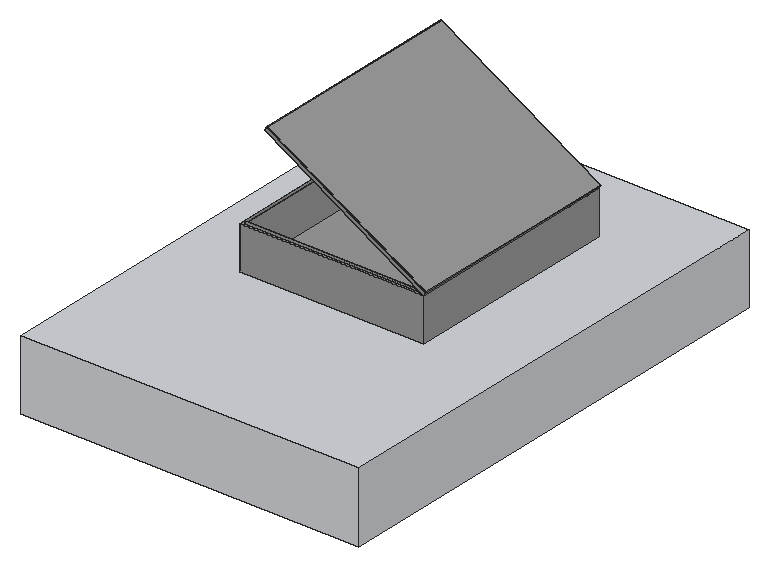
Revit family "Hager-Univers-IP44-D205-H950-Cl.I-Encl-SE-en", category Equipement électrique, Revit 2020
Family settings
  Hôte = Face
  Configuration du panneau = Deux colonnes, circuits au sein
  Cote de connecteur circulaire = Utiliser le diamètre
  Type d'élément = Tableau de raccordement
  Couper avec des vides une fois chargée = Non
  Partagée = Non
  Point de calcul de pièce = Non
Parameters (values of type "Surface mounted (plaster) IP44 W800 H950 D205  - FP63TN2")
  Width Control [instance] = if([EF000008 - Width] > Min Width, [EF000008 - Width], Min Width)  # 800 mm
  Commentaires du type = [HG000003 - Range]  # "Univers"
  Thickness Door [instance] = if([EF009171 - Material plate thickness door/cover] > 3 mm, 3 mm, [EF009171 - Material plate thickness door/cover])  # 1 mm
  Seal Frame Offset [instance] = 17 mm  # constant formula
  Plinth Visibility [instance] = [HG000027 - Plinth height] > 0 mm  # no
  Model = ""
  Min Width [instance] = 100 mm  # constant formula
  Min Height [instance] = 100 mm  # constant formula
  Min Depth [instance] = (2 * [EF009170 - Material plate thickness cabinet]) + 1 mm  # 3 mm
  Internal Frame Depth [instance] = (Door System Depth * 0.5)  # 9 mm
  Height Control [instance] = if([EF000040 - Height] > Min Height, [EF000040 - Height], Min Height)  # 950 mm
  HG000027 - Plinth height = 0 mm
  HG000026 - Floor standing = no
  HG000024 - Bottom section height = 800 mm
  HG000023 - Double section enclosure = no
  HG000016 - Door 3d visibility [instance] = yes
  HG000015 - Clearance visibility [instance] = no
  HG000014 - Door on the right [instance] = yes
  HG000013 - Door on the left [instance] = not([HG000014 - Door on the right])  # no
  HG000012 - Door swing angle [instance] = 30.00°
  HG000010 - Asymmetric doors = no
  HG000009 - Double swing door = no
  HG000006 - Flush mounted = no
  HG000004 - Manufacturer reference = "FP63TN2"
  HG000003 - Range = "Univers"
  HG000002 - With door or cover = yes
  Frame Offset Bottom [instance] = 10 mm  # constant formula
  Frame Offset [instance] = 15 mm  # constant formula
  EF015940 - Cover with overpressure release = no
  EF011959 - Degree of protection (NEMA) = ""
  EF009554 - Number of openings for flange plates = 6
  EF009212 - Cover model = "EV000116 - Closed"
  EF009171 - Material plate thickness door/cover = 1 mm
  EF009170 - Material plate thickness cabinet = 1 mm
  Fabricant = "Hager"  # constant formula
  EF008873 - Nominal current (In) = 250 A
  EF007800 - Suitable for lightning protection = no
  EF006306 - With lock = no
  EF006244 - Transparent cover/door = no
  EF005474 - Degree of protection (IP) = "EV006418 - IP44"
  EF004464 - Type of door = "EV002646 - Single"
  EF004427 - Number of modules = 216
  EF004293 - Impact strength = "EV006815 - IK09"
  EF003532 - Suitable for outdoor use = no
  EF002950 - Width in number of modular spacings = 36
  EF001613 - Circuit integrity = "EV000494 - None"
  EF001596 - Material housing = "EV000179 - Steel"
  EF001131 - Internal depth = 130 mm
  EF001088 - Extension possible = yes
  EF000437 - Number of conduit inlets = 6
  EF000339 - Type of cover = "EV001012 - Cover"
  EF000266 - Number of rows = 6
  EF000218 - Built-in depth = 205 mm
  EF000118 - With mounting plate = no
  EF000116 - RAL-number = "9010"
  EF000049 - Depth = 205 mm
  EF000040 - Height = 950 mm
  EF000008 - Width = 800 mm
  EF000007 - Colour = "EV000202 - White"
  EF000003 - Mounting method = "EV000384 - Surface mounted (plaster)"
  Door System Leaf Tolerance [instance] = 1.5 mm  # constant formula
  Door System Depth [instance] = 18 mm  # constant formula
  Door Height [instance] = Height Control - [HG000027 - Plinth height]  # 950 mm
  Depth Control [instance] = if([EF000049 - Depth] > Min Depth, [EF000049 - Depth], Min Depth)  # 205 mm
  Default Elevation = 0 mm
  Connector Offset [instance] = Height Control / 2  # 475 mm
  Bottom Top Plate Trim [instance] = 1.5 mm  # constant formula
  Plinth height Ctrl [instance] = if([HG000027 - Plinth height] > 0 mm, [HG000027 - Plinth height], 12 mm)  # 12 mm
Types (5, lengths in mm): name | Width Control | HG000010 - Asymmetric doors | HG000009 - Double swing door | HG000004 - Manufacturer reference | EF009554 - Number of openings for flange plates | EF004464 - Type of door | EF004427 - Number of modules | EF002950 - Width in number of modular spacings | EF000437 - Number of conduit inlets | EF000008 - Width
  Surface mounted (plaster) IP44 W1050 H950 D205  - FP64TN2 | 1050 | no | yes | "FP64TN2" | 8 | "EV003602 - Double" | 288 | 48 | 8 | 1050
  Surface mounted (plaster) IP44 W1300 H950 D205  - FP65TN2 | 1300 | yes | yes | "FP65TN2" | 10 | "EV003602 - Double" | 360 | 60 | 10 | 1300
  Surface mounted (plaster) IP44 W300 H950 D205  - FP61TN2 | 300 | no | no | "FP61TN2" | 2 | "EV002646 - Single" | 72 | 12 | 2 | 300
  Surface mounted (plaster) IP44 W550 H950 D205  - FP62TN2 | 550 | no | no | "FP62TN2" | 4 | "EV002646 - Single" | 144 | 24 | 4 | 550
  Surface mounted (plaster) IP44 W800 H950 D205  - FP63TN2 | 800 | no | no | "FP63TN2" | 6 | "EV002646 - Single" | 216 | 36 | 6 | 800
Reference planes
  plane 1 "Center (Front/Back)": y = 0
  plane 2: z = 0
  plane 3 "Center (Left/Right)": x = 0
  plane 4: z = 205
  plane 5: y = 1
  plane 6: y = 475
  plane 7: y = 0
  plane 8: y = 950
  plane 9: z = 0
  plane 10: x = -385
  plane 11: x = 385
  plane 12: x = 384
  plane 13: x = -384
  plane 14: y = 949
  plane 15: x = -383
  plane 16: x = -400
  plane 17: x = 383
  plane 18: x = 400
  plane 19: x = 399
  plane 20: x = -399
  plane 21: y = 11
  plane 22: y = 950
  plane 23: y = 934
  plane 24: z = 187
  plane 25: z = 1
  plane 26: z = 186
  plane 27: z = 204
Forms (mm)
  Extrusion 1, solid
    sketch origin (0, 0, 0) x (1, 0, 0) y (0, 1, 0)
      loop
        line (-702.964, 1305) -> (-702.964, -811.445) -> (766.763, -811.445) -> (766.763, 1305) -> (-702.964, 1305)
    from 0 to -304.8
  Extrusion 2, solid, material "Hager_Steel_RAL7035_Light_Grey", visible <- "Plinth Visibility", detail levels medium+fine
    sketch origin (0, 0, 0) x (1, 0, 0) y (0, 1, 0)
      loop
        line (-400, 0) -> (400, 0) -> (400, 12) -> (-400, 12) -> (-400, 0)
    from 0 to 187
  Extrusion 3, solid, material "Hager_Steel_RAL7035_Light_Grey", detail levels medium+fine
    sketch origin (0, 0, 0) x (1, 0, 0) y (0, 1, 0)
      loop
        line (-400, 0) -> (400, 0) -> (400, 950) -> (-400, 950) -> (-400, 0)
    from 0 to 187
  Extrusion 4, void
    sketch origin (0, 0, 0) x (1, 0, 0) y (0, 1, 0)
      loop
        line (-399, 1) -> (399, 1) -> (399, 949) -> (-399, 949) -> (-399, 1)
    from 1 to 186
  Extrusion 5, void
    sketch origin (-381.607, -4572, 187) x (0, -1, 0) y (-1, 0, 0)
      loop
        line (-4583, 2.393) -> (-5506, 2.393) -> (-5506, -765.607) -> (-4583, -765.607) -> (-4583, 2.393)
    from 0 to 1 <- "EF009170 - Material plate thickness cabinet"
  Extrusion 6, solid, material "Hager_Steel_RAL7035_Light_Grey", detail levels fine
    sketch origin (0, 0, 187) x (1, 0, 0) y (0, 1, 0)
      loop
        line (-384, 934) -> (-384, 11) -> (384, 11) -> (384, 934) -> (-384, 934)
      loop
        line (-385, 10) -> (385, 10) -> (385, 935) -> (-385, 935) -> (-385, 10)
    from 0 to 9 <- "Internal Frame Depth"
  Extrusion 7, solid, material "Hager_Steel_RAL7035_Light_Grey", detail levels coarse
    sketch origin (0, 0, 0) x (1, 0, 0) y (0, 1, 0)
      loop
        line (-400, 0) -> (400, 0) -> (400, 950) -> (-400, 950) -> (-400, 0)
    from 0 to 205
  Sweep 8, void
    path in 3D
      loop
        line (-400, 12, 0) -> (400, 12, 0) -> (400, 12, 187) -> (-400, 12, 187) -> (-400, 12, 0)
    profile origin (-400, 12, 93.5) x (-1, 0, 0) y (0, -1, 0)
      loop
        line (0, 0) -> (0, 1.5) -> (-1.5, 1.5)
        arc (-1.5, 1.5) -> (-1.061, 0.439) -> (0, 0) r 1.5
Cuts and joins
  Extrusion 4, Extrusion 5 cuts Extrusion 3
  Sweep 8 cuts Extrusion 2
Lines and regions (mm)
  Masking region 1
    outline origin (0, 0, 0) x (1, 0, 0) y (0, 0, 1)
      loop
        line (-400, 205) -> (-400, 0) -> (400, 0) -> (400, 205) -> (-400, 205)
  Masking region 2, detail levels medium+fine
    outline origin (0, 140, 0) x (0, 1, 0) y (0, 0, 1)
      loop
        line (-140, 0) -> (810, 0) -> (810, 187) -> (-140, 187) -> (-140, 0)
  Masking region 3, not visible, detail levels medium+fine
    outline origin (0, 297.922, 0) x (0, 1, 0) y (0, 0, 1)
      loop
        line (188.578, 0) -> (228.578, 0) -> (228.578, 194)
        arc (228.578, 194) -> (225.649, 201.071) -> (218.578, 204) r 10
        line (218.578, 204) -> (188.578, 204) -> (188.578, 0)
  Masking region 4, detail levels coarse
    outline origin (0, 0, 180) x (0, 1, 0) y (0, 0, 1)
      loop
        line (0, -180) -> (950, -180) -> (950, 25) -> (0, 25) -> (0, -180)
  Masking region 5, visible <- "Plinth Visibility", detail levels medium+fine
    outline origin (0, 52.24, 12.345) x (0, 0, -1) y (0, 1, 0)
      loop
        line (10.845, -40.24) -> (-173.155, -40.24)
        arc (-173.155, -40.24) -> (-173.594, -41.301) -> (-174.655, -41.74) r 1.5
        line (-174.655, -41.74) -> (-174.655, -52.24) -> (12.345, -52.24) -> (12.345, -41.74)
        arc (12.345, -41.74) -> (11.285, -41.301) -> (10.845, -40.24) r 1.5
  Masking region 6, detail levels medium+fine
    outline origin (-381.607, -4572, 187) x (-1, 0, 0) y (0, -1, 0)
      loop
        line (18.393, -5522) -> (18.393, -4572) -> (-781.607, -4572) -> (-781.607, -5522) -> (18.393, -5522)
  Masking region 7, visible <- "Plinth Visibility", detail levels medium+fine
    outline origin (-381.607, -4727, 187) x (-1, 0, 0) y (0, -1, 0)
      loop
        arc (16.893, -4739) -> (17.332, -4737.939) -> (18.393, -4737.5) r 1.5
        line (18.393, -4737.5) -> (18.393, -4727) -> (-781.607, -4727) -> (-781.607, -4737.5)
        arc (-781.607, -4737.5) -> (-780.546, -4737.939) -> (-780.107, -4739) r 1.5
        line (-780.107, -4739) -> (16.893, -4739)
  Masking region 8, detail levels coarse
    outline origin (-442.548, -4669.526, 187) x (-1, 0, 0) y (0, -1, 0)
      loop
        line (-42.548, -5619.526) -> (-42.548, -4669.526) -> (-842.548, -4669.526) -> (-842.548, -5619.526) -> (-42.548, -5619.526)
  sketch lines
    curve 1: line (-400, 12, 187) -> (-400, 12, 0)
    curve 2: line (400, 12, 187) -> (-400, 12, 187)
    curve 3: line (400, 12, 187) -> (400, 12, 0)
    curve 4: line (-400, 12, 0) -> (400, 12, 0)
Dimensions and locks
  "Depth Control": plane 4 to Extrusion 1
  "HG000027 - Plinth height": plane 1 "Center (Front/Back)" to plane 7
  "EF009170 - Material plate thickness cabinet": plane 5 to plane 7
  locked: connector elem to plane 3 "Center (Left/Right)"
  equal spacing: plane 8, plane 6, plane 7
  locked: connector elem to plane 6
  "EF009170 - Material plate thickness cabinet": plane 8 to plane 14
  "EF009170 - Material plate thickness cabinet": plane 10 to plane 13
  "EF009170 - Material plate thickness cabinet": plane 12 to plane 11
  "Frame Offset": plane 20 to plane 13
  "Frame Offset": plane 12 to plane 19
  "EF009170 - Material plate thickness cabinet": plane 16 to plane 20
  "EF009170 - Material plate thickness cabinet": plane 19 to plane 18
  "Seal Frame Offset": plane 16 to plane 15
  "Seal Frame Offset": plane 17 to plane 18
  "Frame Offset Bottom": plane 21 to plane 5
  "Frame Offset": plane 14 to plane 23
  equal spacing: plane 16, plane 3 "Center (Left/Right)", plane 18
  "Width Control": plane 16 to plane 18
  "EF009170 - Material plate thickness cabinet": plane 4 to plane 27
  "EF009170 - Material plate thickness cabinet": plane 24 to plane 26
  "EF009170 - Material plate thickness cabinet": plane 25 to level
  "Door System Depth": plane 4 to plane 24
  "Height Control": plane 1 "Center (Front/Back)" to Extrusion 7 sketch curve
  "Height Control": Masking region 4 sketch curve to plane 1 "Center (Front/Back)"
  "Height Control": plane 1 "Center (Front/Back)" to plane 22
  "Bottom Top Plate Trim": profile plane to Sweep 8 sketch curve
  "Bottom Top Plate Trim": Sweep 8 sketch curve to profile plane
  "Plinth height Ctrl": plane 1 "Center (Front/Back)" to Extrusion 2 sketch curve
  "Plinth height Ctrl": Masking region 5 sketch curve to plane 1 "Center (Front/Back)"
  "Plinth height Ctrl": plane 1 "Center (Front/Back)" to Masking region 7 sketch curve
  "Thickness Door": Extrusion 6 sketch curve to Extrusion 6 sketch curve  (x3)
  "Thickness Door": cut or joined group of Extrusion 3, Extrusion 4, Extrusion 5 to Extrusion 6 sketch curve
  radius of Masking region 3 sketch curve = 10 mm
  "Bottom Top Plate Trim": radius of Masking region 5 sketch curve  (x2)
  "Bottom Top Plate Trim": radius of Sweep 8 sketch curve
  "Bottom Top Plate Trim": radius of Masking region 7 sketch curve  (x2)
  aligned and locked: plane 2 to Extrusion 1
  aligned and locked: level to Extrusion 1
  aligned and locked: level to Masking region 1 sketch curve
  aligned and locked: Masking region 1 sketch curve to plane 18
  aligned and locked: Masking region 1 sketch curve to plane 16
  aligned and locked: plane 7 to Masking region 2 sketch curve
  aligned and locked: level to Masking region 3 sketch curve
  aligned and locked: Masking region 3 sketch curve to plane 27
  aligned and locked: level to Masking region 2 sketch curve
  aligned and locked: plane 1 "Center (Front/Back)" to Extrusion 2 sketch curve
  aligned and locked: Extrusion 3 sketch curve to plane 7
  aligned and locked: plane 16 to Extrusion 3 sketch curve
  aligned and locked: plane 18 to Extrusion 3 sketch curve
  aligned and locked: plane 20 to Extrusion 4 sketch curve
  aligned and locked: plane 19 to Extrusion 4 sketch curve
  aligned and locked: Extrusion 4 sketch curve to plane 5
  aligned and locked: Extrusion 4 to plane 25
  aligned and locked: plane 26 to Extrusion 4
  aligned and locked: plane 24 to Extrusion 3
  aligned and locked: Extrusion 5 sketch curve to plane 21
  aligned and locked: Extrusion 5 sketch curve to plane 13
  aligned and locked: Extrusion 5 sketch curve to plane 12
  aligned and locked: plane 18 to Extrusion 7 sketch curve
  aligned and locked: plane 1 "Center (Front/Back)" to Extrusion 7 sketch curve
  aligned and locked: plane 16 to Extrusion 7 sketch curve
  aligned and locked: plane 4 to Extrusion 7
  aligned and locked: Extrusion 7 to level
  aligned and locked: level to Masking region 4 sketch curve
  aligned and locked: Masking region 4 sketch curve to plane 1 "Center (Front/Back)"
  aligned and locked: Masking region 4 sketch curve to plane 4
  aligned and locked: nested 1 to level
  aligned and locked: nested 1 to plane 16
  aligned and locked: plane 8 to Extrusion 3 sketch curve
  aligned and locked: plane 23 to Extrusion 5 sketch curve
  aligned and locked: plane 14 to Extrusion 4 sketch curve
  aligned and locked: Masking region 2 sketch curve to plane 8
  aligned and locked: level to Masking region 5 sketch curve
  aligned and locked: plane 16 to Extrusion 2 sketch curve
  aligned and locked: plane 18 to Extrusion 2 sketch curve
  aligned and locked: Masking region 5 sketch curve to plane 24
  aligned and locked: Masking region 2 sketch curve to plane 24
  aligned and locked: plane 24 to Extrusion 2
  aligned and locked: profile plane to Sweep 8 sketch curve  (x2)
  aligned and locked: Masking region 6 sketch curve to plane 18
  aligned and locked: Masking region 6 sketch curve to plane 22
  aligned and locked: Masking region 6 sketch curve to plane 16
  aligned and locked: plane 8 to plane 22
  aligned and locked: Masking region 6 sketch curve to plane 7
  aligned and locked: Masking region 7 sketch curve to plane 16
  aligned and locked: Masking region 7 sketch curve to plane 1 "Center (Front/Back)"
  aligned and locked: Masking region 7 sketch curve to plane 18
  aligned and locked: Masking region 8 sketch curve to plane 1 "Center (Front/Back)"
  aligned and locked: Masking region 8 sketch curve to plane 18
  aligned and locked: Masking region 8 sketch curve to plane 22
  aligned and locked: Masking region 8 sketch curve to plane 16
  aligned and locked: nested 2 to plane 7
  aligned and locked: plane 3 "Center (Left/Right)" to nested 2
  aligned and locked: nested 2 to plane 24
  aligned and locked: Extrusion 6 sketch curve to cut or joined group of Extrusion 3, Extrusion 4, Extrusion 5  (x4)
Automatic sketch dimensions
  Extrusion 1 sketch curve to Extrusion 1 sketch curve = 1469.727 mm
  Extrusion 1 sketch curve to Extrusion 1 sketch curve = 2116.445 mm
  Masking region 1 sketch curve to plane 4 = 0 mm
  plane 6 to Masking region 3 sketch curve = 11.5 mm
  Masking region 3 sketch curve to Masking region 3 sketch curve = 30 mm
  Masking region 5 sketch curve to plane 1 "Center (Front/Back)" = 0 mm
Nested families
  nested 1: "Hager_Enclosure_Symbol" at (-400, 0, 0) x (1, 0, 0) z (0, -1, 0), Height <- "Depth Control", Width <- "Width Control", type "Hager_Enclosure_Symbol"
    with Width_Ctrl 800 mm, Width 800 mm, Height_Ctrl 205 mm, Height 205 mm, A_Width_Int 13.453 mm, A_Width 161.438 mm, A_Height_Ctrl 179.375 mm, A_Height 179.375 mm
  nested 2: "EC000058_Univers_Door" at (0, 0, 187) x (1, 0, 0) z (0, 1, 0), Leaf_Tolerance <- "Door System Leaf Tolerance", Angle <- "HG000012 - Door swing angle", Door_Depth <- "Door System Depth", Door_Left <- "HG000013 - Door on the left", Transparent <- "EF006244 - Transparent cover/door", Assymetrical <- "HG000010 - Asymmetric doors", Width <- "Width Control", Clearance <- "HG000015 - Clearance visibility", Double <- "HG000009 - Double swing door", 3d_Door <- "HG000016 - Door 3d visibility", Lock_Visibility <- "EF006306 - With lock", Width_Ctrl <- "Width Control", Door_Right <- "HG000014 - Door on the right", Door <- "HG000002 - With door or cover", Height <- "Door Height", Thickness <- "Thickness Door", type "EC000058_Univers_Door", detail levels medium+fine
    with min_wh 3 mm, Width_Ctrl 800 mm, Width 800 mm, Transparent no, Thickness 1 mm, Seal_Material Hager_Rubber, Lock_Visibility no, Lock_Material Hager_Plastic_RAL9005_Jet_Black, Leaf_Width 800 mm, Leaf_Tolerance_External_Sides 0 mm, Leaf_Tolerance 1.5 mm, Leaf_Offset 0 mm, Leaf_Height 947 mm, Leaf_2_Width 800 mm, Leaf_2_Offset 400 mm, Leaf_1_Width 800 mm, Leaf_1_Offset 400 mm, Height_Ctrl 950 mm, Height 950 mm, Glass_Material Hager_Glass, Double_Clearance_Ctrl no, Double no, Door_Right_Ctrl yes, Door_Right yes, Door_Material Hager_Steel_RAL7035_Light_Grey, Door_Left_Ctrl no, Door_Left no, Door_Depth 18 mm, Door yes, Clearance_Material Hager_Clearance, Clearance_Depth 800 mm, Clearance_Ctrl no, Clearance no, Assymetrical no, Angle 30.00°, 3d_Door yes
Connectors
  electrical at (0, 475, 0)
    settings: on plane 9, index 1, voltage 0 V, apparent load 0 VA, apparent load phase1 0 VA, apparent load phase2 0 VA, apparent load phase3 0 VA, power factor 1, load classification "Other", number of poles 1, system type 30, power factor state 1, is connector primary yes, connector utility no, sub classification motor no, connector description ""
Definition of nested family "EC000058_Univers_Door"
  Parameters (values of type "EC000058_Univers_Door")
    min_wh [instance] = (2 * Thickness) + 1 mm  # 11 mm
    Width_Ctrl [instance] = 400 mm
    Width [instance] = 500 mm
    Transparent [instance] = yes
    Thickness [instance] = 5 mm
    Seal_Material [instance] = none
    Lock_Visibility [instance] = yes
    Lock_Material [instance] = none
    Leaf_Width [instance] = if((Width_Ctrl - 2 * Leaf_Tolerance_External_Sides) > 0 mm, (Width_Ctrl - 2 * Leaf_Tolerance_External_Sides), min_wh)  # 400 mm
    Leaf_Tolerance_External_Sides [instance] = 0 mm  # constant formula
    Leaf_Tolerance [instance] = 1.5 mm
    Leaf_Offset [instance] = 0 mm  # constant formula
    Leaf_Height [instance] = if((Height_Ctrl - 2 * Leaf_Tolerance) > 0 mm, (Height_Ctrl - 2 * Leaf_Tolerance), min_wh)  # 497 mm
    Leaf_2_Width [instance] = if(and(and(Double, Assymetrical), Door_Left), (Leaf_Width / 3) - (Leaf_Tolerance / 2), if(and(and(Double, Assymetrical), Door_Right), (Leaf_Width / 3) * 2 - (Leaf_Tolerance / 2), if(and(Double, not(Assymetrical)), (Leaf_Width / 2) - Leaf_Tolerance, Leaf_Width)))  # 400 mm
    Leaf_2_Offset [instance] = if(and(Double, Assymetrical), Leaf_2_Width / 2, if(and(Double, not(Assymetrical)), Leaf_Width / 4, Leaf_Width / 2))  # 200 mm
    Leaf_1_Width [instance] = if(and(and(Double, Assymetrical), Door_Right), (Leaf_Width / 3) - (Leaf_Tolerance / 2), if(and(and(Double, Assymetrical), Door_Left), (Width / 3) * 2 - (Leaf_Tolerance / 2), if(and(Double, not(Assymetrical)), (Leaf_Width / 2) - Leaf_Tolerance, Leaf_Width)))  # 400 mm
    Leaf_1_Offset [instance] = if(and(Double, Assymetrical), Leaf_1_Width / 2, if(and(Double, not(Assymetrical)), Leaf_Width / 4, Leaf_Width / 2))  # 200 mm
    Height_Ctrl [instance] = if(Height > min_wh, Height, min_wh)  # 500 mm
    Height [instance] = 500 mm
    Glass_Material [instance] = none
    Double_Clearance_Ctrl [instance] = and(Double, Clearance)  # no
    Double [instance] = no
    Door_Right_Ctrl [instance] = and(or(Door_Right, Double), Door)  # yes
    Door_Right [instance] = yes
    Door_Material [instance] = none
    Door_Left_Ctrl [instance] = and(or(Door_Left, Double), Door)  # no
    Door_Left [instance] = no
    Door_Depth [instance] = 30 mm
    Door [instance] = yes
    Default Elevation = 1219.2 mm
    Clearance_Material [instance] = none
    Clearance_Depth [instance] = if(Leaf_1_Width > Leaf_2_Width, Leaf_1_Width, Leaf_2_Width)  # 400 mm
    Clearance_Ctrl [instance] = and(not(Double), Clearance)  # yes
    Clearance [instance] = yes
    Assymetrical [instance] = yes
    Angle [instance] = 30.00°
    3d_Door [instance] = yes
  Reference planes
    plane 1 "Center (Front/Back)": y = 0
    plane 2 "Bottom": z = 0
    plane 3 "Center (Left/Right)": x = 0
    plane 4: z = 500
    plane 5: x = -200
    plane 6: x = 200
    plane 7: z = 500
    plane 8: x = -200
    plane 9: z = 0
    plane 10: x = 200
    plane 11: y = 0
    plane 12: z = 1.5
    plane 13: x = -600
    plane 14: y = -400
    plane 15: x = 600
    plane 16: x = 0
    plane 17: x = 0
    plane 18: x = -200
    plane 19: x = 200
    plane 20: z = 498.5
  Forms (mm)
    Extrusion 1, solid, material <- "Clearance_Material", visible <- "Double_Clearance_Ctrl"
      sketch origin (1200, 0, 0) x (1, 0, 0) y (0, 0, -1)
        loop
          line (-1800, -498.5) -> (-600, -498.5) -> (-600, 0) -> (-1800, 0) -> (-1800, -498.5)
      from 0 to -400
  Dimensions and locks
    equal spacing: plane 5, plane 3 "Center (Left/Right)", plane 6
    "Width_Ctrl": plane 5 to plane 6
    "Leaf_Offset": plane 5 to plane 8
    "Leaf_Offset": plane 6 to plane 10
    "Leaf_Offset": plane 9 to level
    "Leaf_Offset": plane 4 to plane 7
    "Height_Ctrl": plane 4 to level
    "Leaf_Tolerance": plane 12 to plane 9
    locked: plane 11 to plane 1 "Center (Front/Back)"
    "Leaf_1_Offset": plane 18 to plane 16
    "Leaf_2_Offset": plane 17 to plane 19
    "Leaf_1_Width": plane 13 to plane 8
    "Leaf_2_Width": plane 10 to plane 15
    "Clearance_Depth": plane 14 to plane 1 "Center (Front/Back)"
    "Leaf_Tolerance_External_Sides": plane 8 to plane 18
    "Leaf_Tolerance_External_Sides": plane 19 to plane 10
    "Leaf_Tolerance": plane 7 to plane 20
    aligned and locked: level to plane 2 "Bottom"
    aligned and locked: nested 1 to plane 16
    aligned and locked: nested 2 to plane 17
    aligned and locked: Extrusion 1 to plane 13
    aligned and locked: plane 15 to Extrusion 1
    aligned and locked: Extrusion 1 to plane 14
    aligned and locked: plane 12 to nested 1
    aligned and locked: nested 2 to plane 12
    aligned and locked: Extrusion 1 to plane 11
    aligned and locked: plane 20 to Extrusion 1
    aligned and locked: nested 2 to plane 11
    aligned and locked: nested 1 to plane 11
  Automatic sketch dimensions
    Extrusion 1 sketch curve to level = 0 mm
    plane 5 to Extrusion 1 sketch curve = 400 mm
    plane 6 to Extrusion 1 sketch curve = 400 mm
    Extrusion 1 sketch curve to plane 4 = 1.5 mm
  Nested families
    nested 1: "EC000058_Univers_Door_Leaf" at (0, 0, 1.5), Width <- "Leaf_1_Width", visible <- "Door_Left_Ctrl", Leaf_Height <- "Leaf_Height", Angle <- "Angle", 3d_Door <- "3d_Door", Transparent <- "Transparent", Clearance Material <- "Clearance_Material", Clearance <- "Clearance_Ctrl", Door_Material <- "Door_Material", Glass_Material <- "Glass_Material", Door_Depth <- "Door_Depth", Lock_Material <- "Lock_Material", Seal_Material <- "Seal_Material", Lock_Visibility <- "Lock_Visibility", Thickness <- "Thickness", type "EC000058_Univers_Door_Leaf"
      with Width 400 mm, Transparent_Glass_Offset 30 mm, Transparent_Ctrl yes, Transparent yes, Thickness 5 mm, Standard no, Seal_Material none, Seal_D2 8 mm, Seal_D1 1 mm, Offset_Internal_Frame 10 mm, Lock_Width 20 mm, Lock_Visibility_3d yes, Lock_Visibility yes, Lock_Thickness_3 3 mm, Lock_Thickness_2 1 mm, Lock_Thickness_1 3 mm, Lock_Radius_Offset_2 16 mm, Lock_Radius_Offset_1 15 mm, Lock_Radius_2 5 mm, Lock_Radius 6 mm, Lock_Offset 5 mm, Lock_Material none, Lock_Height 80 mm, Lock_Cover_Top_Offset_2d 17 mm, Lock_Cover_Height -65 mm, Leaf_Height 497 mm, Internal_Seal_Thickness 8 mm, Internal_Seal_Depth_2 4.5 mm, Internal_Frame_Depth 25 mm, Glass_Thickness -1 mm, Glass_Offset -2 mm, Glass_Material none, Door_Material none, Door_Depth 30 mm, Clearance Material none, Clearance yes, Angle_Ctrl 30.00°, Angle 30.00°, 3d_Door yes
    nested 2: "EC000058_Univers_Door_Leaf" at (0, 0, 1.5) x (-1, 0, 0) z (0, 0, 1), Width <- "Leaf_2_Width", visible <- "Door_Right_Ctrl", Leaf_Height <- "Leaf_Height", Angle <- "Angle", 3d_Door <- "3d_Door", Transparent <- "Transparent", Clearance Material <- "Clearance_Material", Clearance <- "Clearance_Ctrl", Door_Material <- "Door_Material", Glass_Material <- "Glass_Material", Door_Depth <- "Door_Depth", Lock_Material <- "Lock_Material", Seal_Material <- "Seal_Material", Lock_Visibility <- "Lock_Visibility", Thickness <- "Thickness", type "EC000058_Univers_Door_Leaf"
      with Width 400 mm, Transparent_Glass_Offset 30 mm, Transparent_Ctrl yes, Transparent yes, Thickness 5 mm, Standard no, Seal_Material none, Seal_D2 8 mm, Seal_D1 1 mm, Offset_Internal_Frame 10 mm, Lock_Width 20 mm, Lock_Visibility_3d yes, Lock_Visibility yes, Lock_Thickness_3 3 mm, Lock_Thickness_2 1 mm, Lock_Thickness_1 3 mm, Lock_Radius_Offset_2 16 mm, Lock_Radius_Offset_1 15 mm, Lock_Radius_2 5 mm, Lock_Radius 6 mm, Lock_Offset 5 mm, Lock_Material none, Lock_Height 80 mm, Lock_Cover_Top_Offset_2d 17 mm, Lock_Cover_Height -65 mm, Leaf_Height 497 mm, Internal_Seal_Thickness 8 mm, Internal_Seal_Depth_2 4.5 mm, Internal_Frame_Depth 25 mm, Glass_Thickness -1 mm, Glass_Offset -2 mm, Glass_Material none, Door_Material none, Door_Depth 30 mm, Clearance Material none, Clearance yes, Angle_Ctrl 30.00°, Angle 30.00°, 3d_Door yes
  Definition of nested family "EC000058_Univers_Door_Leaf"
    Parameters (values of type "EC000058_Univers_Door_Leaf")
      Width [instance] = 2000 mm
      Transparent_Glass_Offset [instance] = 30 mm
      Transparent_Ctrl [instance] = and(Transparent, [3d_Door])  # yes
      Transparent [instance] = yes
      Thickness [instance] = 5 mm
      Standard [instance] = and(not(Transparent), [3d_Door])  # no
      Seal_Material [instance] = none
      Seal_D2 [instance] = 8 mm  # constant formula
      Seal_D1 [instance] = 1 mm  # constant formula
      Offset_Internal_Frame [instance] = 10 mm  # constant formula
      Lock_Width [instance] = 20 mm  # constant formula
      Lock_Visibility_3d [instance] = and(Lock_Visibility, [3d_Door])  # yes
      Lock_Visibility [instance] = yes
      Lock_Thickness_3 [instance] = 3 mm  # constant formula
      Lock_Thickness_2 [instance] = 1 mm  # constant formula
      Lock_Thickness_1 [instance] = 3 mm  # constant formula
      Lock_Radius_Offset_2 [instance] = Lock_Radius_Offset_1 + 1 mm  # 16 mm
      Lock_Radius_Offset_1 [instance] = 15 mm  # constant formula
      Lock_Radius_2 [instance] = Lock_Radius - 1 mm  # 5 mm
      Lock_Radius [instance] = 6 mm  # constant formula
      Lock_Offset [instance] = 5 mm  # constant formula
      Lock_Material [instance] = none
      Lock_Height [instance] = 80 mm  # constant formula
      Lock_Cover_Top_Offset_2d [instance] = Lock_Radius_Offset_2 + 1 mm  # 17 mm
      Lock_Cover_Height [instance] = -(Lock_Height - Lock_Radius_Offset_1)  # -65 mm
      Leaf_Height [instance] = 2720.336 mm
      Internal_Seal_Thickness [instance] = 8 mm  # constant formula
      Internal_Seal_Depth_2 [instance] = 4.5 mm  # constant formula
      Internal_Frame_Depth [instance] = if(Door_Depth - Thickness > 5 mm, Door_Depth - Thickness, 5 mm)  # 25 mm
      Glass_Thickness [instance] = if(Thickness > 15 mm, Glass_Offset + 10 mm, -1 mm)  # -1 mm
      Glass_Offset [instance] = if(Thickness > 15 mm, -(Thickness + 10 mm) / 2, -2 mm)  # -2 mm
      Glass_Material [instance] = none
      Door_Material [instance] = none
      Door_Depth [instance] = 30 mm
      Default Elevation = 0 mm
      Clearance Material [instance] = none
      Clearance [instance] = yes
      Angle_Ctrl [instance] = if(Angle > 180.00°, 180.00°, Angle)  # 90.00°
      Angle [instance] = 90.00°
      3d_Door [instance] = yes
    Reference planes
      plane 1 "Center (Front/Back)": y = 0
      plane 2: z = 0
      plane 3 "Center (Left/Right)": x = 0
      plane 4: y = 2000
      plane 5: x = -1000
      plane 6: x = 1000
      plane 7: x = -3000
      plane 8: z = 2720.336
      plane 9: z = 30
      plane 10: z = 2690.336
      plane 11: x = 970
      plane 12: x = -970
      plane 13: y = -3
      plane 14: z = 107.833
      plane 15: y = -5
      plane 16: y = -223.314
      plane 17: x = -1000
      plane 18: z = 1360.168
      plane 19: y = 30
    Forms (mm)
      Extrusion 1, solid, material <- "Clearance Material", visible <- "Clearance"
        sketch origin (0, 0, 0) x (1, 0, 0) y (0, 0, 1)
          loop
            line (-3000, 2720.336) -> (-3000, 0) -> (1000, 0) -> (1000, 2720.336) -> (-3000, 2720.336)
        from 0 to -2000
      Extrusion 2, solid, material <- "Door_Material", visible <- "Standard", detail levels medium+fine
        sketch origin (-1000, 0, 0) x (0, 1, 0) y (-1, 0, 0)
          loop
            line (0, 30) -> (0, 25) -> (2000, 25) -> (2000, 30) -> (0, 30)
        from 0 to 2720.336 <- "Leaf_Height"
      Extrusion 3, solid, material <- "Door_Material", visible <- "Transparent_Ctrl", detail levels medium+fine
        sketch origin (-1000, 0, 0) x (0, 1, 0) y (-1, 0, 0)
          loop
            line (0, 25) -> (2000, 25) -> (2000, 30) -> (0, 30) -> (0, 25)
        from 0 to 2720.336 <- "Leaf_Height"
      Extrusion 4, void
        sketch origin (-1025, 2000, 0) x (0, 1, 0) y (0, 0, -1)
          loop
            line (-30, -2690.336) -> (-30, -30) -> (-1970, -30) -> (-1970, -2690.336) -> (-30, -2690.336)
        from 0 to 5 <- "Thickness"
      Sweep 5, solid, material <- "Seal_Material", visible <- "Transparent_Ctrl", detail levels fine
        path in 3D
          loop
            line (-1025, 30, 30) -> (-1025, 30, 2690.336) -> (-1025, 1970, 2690.336) -> (-1025, 1970, 30) -> (-1025, 30, 30)
        profile origin (-1025, 1000, 30) x (1, 0, 0) y (0, 0, 1)
          loop
            line (0, 0) -> (0, -8) -> (1, -8) -> (1, 0) -> (0, 0)
      Extrusion 6, solid, material <- "Glass_Material", visible <- "Transparent_Ctrl", detail levels medium+fine
        sketch origin (-1030, 0, 0) x (0, 1, 0) y (0, 0, -1)
          loop
            line (1970, -2690.336) -> (1970, -30) -> (30, -30) -> (30, -2690.336) -> (1970, -2690.336)
        from -2 <- "Glass_Offset" to -1 <- "Glass_Thickness"
      Extrusion 7, solid, material <- "Door_Material", visible <- "3d_Door", detail levels medium+fine
        sketch origin (-1025, 2000, 0) x (0, -1, 0) y (0, 0, -1)
          loop
            line (0, -2720.336) -> (2000, -2720.336) -> (2000, 0) -> (0, 0) -> (0, -2720.336)
          loop
            line (1995, -5) -> (5, -5) -> (5, -2715.336) -> (1995, -2715.336) -> (1995, -5)
        from 0 to 25 <- "Internal_Frame_Depth"
      Sweep 8, solid, material <- "Seal_Material", visible <- "Transparent_Ctrl", detail levels fine
        path in 3D
          loop
            line (-1025, 0, 0) -> (-1025, 2000, 0) -> (-1025, 2000, 2720.336) -> (-1025, 0, 2720.336) -> (-1025, 0, 0)
        profile origin (-1025, 0, 1360.168) x (1, 0, 0) y (0, 1, 0)
          loop
            line (0, 10) -> (2.975, 10)
            arc (2.975, 10) -> (4.053, 10.447) -> (4.5, 11.525) r 1.525
            line (4.5, 11.525) -> (4.5, 16.527)
            arc (4.5, 16.527) -> (4.069, 17.569) -> (3.027, 18) r 1.473
            line (3.027, 18) -> (0, 18) -> (0, 10)
      Extrusion 9, solid, material <- "Lock_Material", visible <- "Lock_Visibility_3d", detail levels fine
        sketch origin (-1030, 0, 0) x (0, 1, 0) y (0, 0, -1)
          loop
            arc (1993.5, -1400.168) -> (1994.561, -1399.729) -> (1995, -1398.668) r 1.5
            line (1995, -1398.668) -> (1995, -1320.168) -> (1975, -1320.168) -> (1975, -1398.668)
            arc (1975, -1398.668) -> (1975.439, -1399.729) -> (1976.5, -1400.168) r 1.5
            line (1976.5, -1400.168) -> (1993.5, -1400.168)
        from 3 <- "Lock_Thickness_1" to 0
      Blend 10, solid, material <- "Lock_Material", visible <- "Lock_Visibility_3d", detail levels fine
        base sketch origin (-1033, 0, 0) x (0, 1, 0) y (0, 0, -1)
          loop
            line (1975, -1320.168) -> (1975, -1398.668)
            arc (1975, -1398.668) -> (1975.439, -1399.729) -> (1976.5, -1400.168) r 1.5
            line (1976.5, -1400.168) -> (1993.5, -1400.168)
            arc (1993.5, -1400.168) -> (1994.561, -1399.729) -> (1995, -1398.668) r 1.5
            line (1995, -1398.668) -> (1995, -1320.168) -> (1975, -1320.168)
        top sketch origin (-1033, 0, 0) x (0, 1, 0) y (0, 0, -1)
          loop
            line (1976, -1320.168) -> (1976, -1398.668)
            arc (1976, -1398.668) -> (1976.146, -1399.022) -> (1976.5, -1399.168) r 0.5
            line (1976.5, -1399.168) -> (1993.5, -1399.168)
            arc (1993.5, -1399.168) -> (1993.854, -1399.022) -> (1994, -1398.668) r 0.5
            line (1994, -1398.668) -> (1994, -1320.168) -> (1976, -1320.168)
        from 0 to 1 <- "Lock_Thickness_2"
      Blend 11, solid, material <- "Lock_Material", visible <- "Lock_Visibility_3d", detail levels fine
        base sketch origin (-1034, 0, 0) x (0, 1, 0) y (0, 0, -1)
          loop
            line (1978, -1320.168) -> (1978, -1384.168)
            arc (1978, -1384.168) -> (1985, -1391.168) -> (1992, -1384.168) r 7
            line (1992, -1384.168) -> (1992, -1320.168) -> (1978, -1320.168)
        top sketch origin (-1034, 0, 0) x (0, 1, 0) y (0, 0, -1)
          loop
            line (1991, -1320.168) -> (1979, -1320.168) -> (1979, -1383.168)
            arc (1979, -1383.168) -> (1985, -1389.168) -> (1991, -1383.168) r 6
            line (1991, -1383.168) -> (1991, -1320.168)
        from 0 to 3 <- "Lock_Thickness_3"
      Extrusion 12, solid, material <- "Lock_Material", visible <- "Lock_Visibility_3d", detail levels fine
        sketch origin (-1030, 1975, 1320.168) x (1, 0, 0) y (0, -1, 0)
          loop
            line (-7, -19) -> (-7, -1) -> (0, -1) -> (0, 0) -> (-8, 0) -> (-8, -20) -> (0, -20) -> (0, -19) -> (-7, -19)
        from 0 to -65 <- "Lock_Cover_Height"
      Extrusion 13, void
        sketch origin (-1038, 1995, 1320.168) x (-1, 0, 0) y (0, 0, -1)
          loop
            line (-5, -65) -> (0, -65) -> (-5, -60) -> (-5, -65)
        from 0 to 20 <- "Lock_Width"
      Extrusion 14, void
        sketch origin (-1038, 1975, 1320.168) x (0, -1, 0) y (0, 0, -1)
          loop
            circle (-10, -15.995) r 6
          loop
            circle (-10, -15.995) r 5
        from 0 to 2
      Extrusion 15, solid, material <- "Lock_Material", visible <- "Lock_Visibility_3d", detail levels medium
        sketch origin (-1030, 0, 0) x (0, 1, 0) y (0, 0, -1)
          loop
            arc (1993.5, -1400.168) -> (1994.561, -1399.729) -> (1995, -1398.668) r 1.5
            line (1995, -1398.668) -> (1995, -1320.168) -> (1975, -1320.168) -> (1975, -1398.668)
            arc (1975, -1398.668) -> (1975.439, -1399.729) -> (1976.5, -1400.168) r 1.5
            line (1976.5, -1400.168) -> (1993.5, -1400.168)
        from 8 to 0
    Cuts and joins
      Extrusion 4 cuts Extrusion 3
      Extrusion 13, Extrusion 14 cuts Extrusion 9
      Extrusion 14 cuts Blend 11
      Extrusion 13, Extrusion 14 cuts Extrusion 12
      joined: Extrusion 9, Blend 10, Blend 11, Extrusion 12
      Extrusion 14 cuts Extrusion 15
    Lines and regions (mm)
      Masking region 1, visible <- "Lock_Visibility", detail levels fine
        outline origin (0, 0, 0) x (0, 1, 0) y (0, 0, 1)
          loop
            line (30, 1320.168) -> (33, 1320.168) -> (33, 1400.168) -> (30, 1400.168) -> (30, 1320.168)
      Masking region 2, visible <- "Lock_Visibility", detail levels fine
        outline origin (0, 3.143, 0) x (0, 1, 0) y (0, 0, 1)
          loop
            line (29.857, 1354.168) -> (30.857, 1354.168) -> (30.857, 1366.168) -> (29.857, 1366.168) -> (29.857, 1354.168)
      Masking region 3, detail levels medium+fine
        outline origin (0, 0, 0) x (0, 1, 0) y (0, 0, 1)
          loop
            line (0, 0) -> (30, 0) -> (30, 2720.336) -> (0, 2720.336) -> (0, 0)
      Masking region 4, detail levels medium+fine
        outline origin (0, 0, 0) x (1, 0, 0) y (0, 0, 1)
          loop
            line (-1000, 2720.336) -> (-1000, 0) -> (1000, 0) -> (1000, 2720.336) -> (-1000, 2720.336)
      Masking region 5, visible <- "Lock_Visibility", detail levels fine
        outline origin (-47.116, 0, 0) x (1, 0, 0) y (0, 0, 1)
          loop
            arc (1024.616, 1399.168) -> (1023.556, 1398.729) -> (1023.116, 1397.668) r 1.5
            line (1023.116, 1397.668) -> (1023.116, 1320.168) -> (1041.116, 1320.168) -> (1041.116, 1397.668)
            arc (1041.116, 1397.668) -> (1040.677, 1398.729) -> (1039.616, 1399.168) r 1.5
            line (1039.616, 1399.168) -> (1024.616, 1399.168)
      Masking region 6, visible <- "Lock_Visibility", detail levels medium+fine
        outline origin (-25, 0, 0) x (1, 0, 0) y (0, 0, 1)
          loop
            arc (1001.5, 1400.168) -> (1000.439, 1399.729) -> (1000, 1398.668) r 1.5
            line (1000, 1398.668) -> (1000, 1320.168) -> (1020, 1320.168) -> (1020, 1398.668)
            arc (1020, 1398.668) -> (1019.561, 1399.729) -> (1018.5, 1400.168) r 1.5
            line (1018.5, 1400.168) -> (1001.5, 1400.168)
      Masking region 7, visible <- "Lock_Visibility", detail levels fine
        outline origin (-73.735, 0, 0) x (1, 0, 0) y (0, 0, 1)
          loop
            line (1051.735, 1382.168) -> (1065.735, 1382.168) -> (1065.735, 1384.168)
            arc (1065.735, 1384.168) -> (1058.735, 1391.168) -> (1051.735, 1384.168) r 7
            line (1051.735, 1384.168) -> (1051.735, 1382.168)
      Masking region 8, visible <- "Lock_Visibility", detail levels fine
        outline origin (-73.735, 0, 0) x (1, 0, 0) y (0, 0, 1)
          loop
            line (1052.735, 1382.168) -> (1064.735, 1382.168) -> (1064.735, 1383.168)
            arc (1064.735, 1383.168) -> (1058.735, 1389.168) -> (1052.735, 1383.168) r 6
            line (1052.735, 1383.168) -> (1052.735, 1382.168)
      Masking region 9, visible <- "Lock_Visibility", detail levels fine
        outline origin (-25, 0, 0) x (1, 0, 0) y (0, 0, 1)
          loop
            line (1020, 1320.168) -> (1020, 1382.168) -> (1000, 1382.168) -> (1000, 1320.168) -> (1020, 1320.168)
      Masking region 10, detail levels medium+fine
        outline origin (0, 0, 0) x (1, 0, 0) y (0, 0, 1)
          loop
            circle (985, 1335.144) r 6
      Masking region 11, detail levels fine
        outline origin (0, 0, 0) x (1, 0, 0) y (0, 0, 1)
          loop
            circle (985, 1335.144) r 5
      Masking region 12, visible <- "Lock_Visibility", detail levels fine
        outline origin (0, 12.767, 0) x (0, 1, 0) y (0, 0, 1)
          loop
            line (20.233, 1320.168) -> (21.233, 1320.168) -> (21.233, 1399.168) -> (20.233, 1400.168) -> (20.233, 1320.168)
      Masking region 13, visible <- "Lock_Visibility", detail levels fine
        outline origin (0, 13.767, -10) x (0, 1, 0) y (0, 0, 1)
          loop
            line (20.233, 1330.168) -> (23.233, 1330.168) -> (23.233, 1399.168) -> (20.233, 1402.168) -> (20.233, 1330.168)
      Masking region 14, visible <- "Lock_Visibility", detail levels fine
        outline origin (0, 12.767, -10) x (0, 1, 0) y (0, 0, 1)
          loop
            line (20.233, 1330.168) -> (25.233, 1330.168) -> (25.233, 1399.305) -> (20.233, 1394.305) -> (20.233, 1330.168)
      Masking region 15, visible <- "Lock_Visibility", detail levels medium
        outline origin (0, 0, 0) x (0, 1, 0) y (0, 0, 1)
          loop
            line (30, 1320.168) -> (38, 1320.168) -> (38, 1400.168) -> (30, 1400.168) -> (30, 1320.168)
      Masking region 16, visible <- "Lock_Visibility", detail levels fine
        outline origin (-1000, 0, 0) x (0, 1, 0) y (-1, 0, 0)
          loop
            line (1975, 30) -> (1995, 30) -> (1995, 38) -> (1975, 38) -> (1975, 30)
          loop
            line (1979, 37) -> (1976, 37) -> (1976, 34) -> (1978, 34) -> (1979, 37)
          loop
            line (1994, 37) -> (1991, 37) -> (1992, 34) -> (1994, 34) -> (1994, 37)
      Masking region 17, visible <- "Lock_Visibility", detail levels medium
        outline origin (-1000, 0, 0) x (0, 1, 0) y (-1, 0, 0)
          loop
            line (1975, 30) -> (1995, 30) -> (1995, 38) -> (1975, 38) -> (1975, 30)
      symbolic lines
        curve 1: line (1000, 0, 0) -> (-3000, 0, 0)
        curve 2: arc (1000, 0, 0) -> (-1000, 2000, 0) -> (-3000, 0, 0) r 2000
        curve 4: line (-1030, 0, 0) -> (-1030, 2000, 0)
      reference lines
        curve 3: line (-1000, 0, 0) -> (-1000, 2000, 0)
      symbolic lines, detail levels medium+fine
        curve 5: line (-1030, 2000, 0) -> (-1025, 2000, 0)
        curve 7: line (-1025, 0, 0) -> (-1030, 0, 0)
        curve 8: line (-1025, 0, 0) -> (-1000, 0, 0)
        curve 9: line (-1000, 0, 0) -> (-1000, 2000, 0)
        curve 10: line (-1000, 2000, 0) -> (-1025, 2000, 0)
      symbolic lines, detail levels fine
        curve 6: line (-1025, 2000, 0) -> (-1025, 0, 0)
      sketch lines
        curve 11: line (-1025, 0, 2720.336) -> (-1025, 0, 0)
        curve 12: line (-1025, 2000, 0) -> (-1025, 0, 0)
        curve 13: line (-1025, 2000, 2720.336) -> (-1025, 2000, 0)
        curve 14: line (-1025, 0, 2720.336) -> (-1025, 2000, 2720.336)
        curve 15: line (-1025, 1970, 30) -> (-1025, 30, 30)
        curve 16: line (-1025, 30, 30) -> (-1025, 30, 2690.336)
        curve 17: line (-1025, 1970, 2690.336) -> (-1025, 1970, 30)
        curve 18: line (-1025, 30, 2690.336) -> (-1025, 1970, 2690.336)
      symbolic lines, visible <- "Transparent", detail levels medium+fine
        curve 19: line (-970, 0, 2690.336) -> (970, 0, 2690.336)
        curve 20: line (-970, 0, 30) -> (-970, 0, 2690.336)
        curve 21: line (970, 0, 30) -> (-970, 0, 30)
        curve 22: line (970, 0, 2690.336) -> (970, 0, 30)
    Dimensions and locks
      "Width": plane 1 "Center (Front/Back)" to plane 4
      equal spacing: plane 5, plane 3 "Center (Left/Right)", plane 6
      "Width": plane 5 to plane 6
      "Width": plane 7 to plane 5
      "Leaf_Height": plane 8 to level
      "Width": curve 5 to curve 3
      "Width": curve 3 to curve 3
      plane 8 to plane 10 = 30 mm
      plane 9 to level = 30 mm
      plane 12 to plane 5 = 30 mm
      plane 6 to plane 11 = 30 mm
      Extrusion 1 to Extrusion 4 sketch curve = 30 mm
      "Transparent_Glass_Offset": curve 3 to Extrusion 4 sketch curve
      "Transparent_Glass_Offset": Extrusion 4 sketch curve to cut or joined group of Extrusion 3, Extrusion 4  (x2)
      cut or joined group of Extrusion 3, Extrusion 4 to Extrusion 6 sketch curve = 30 mm
      "Transparent_Glass_Offset": cut or joined group of Extrusion 3, Extrusion 4 to Extrusion 4 sketch curve
      "Thickness": curve 6 to curve 4
      "Thickness": Extrusion 7 sketch curve to Extrusion 7 sketch curve  (x4)
      "Door_Depth": curve 4 to curve 3
      "Offset_Internal_Frame": profile plane to Sweep 8 sketch curve
      "Internal_Seal_Thickness": Sweep 8 sketch curve to Sweep 8 sketch curve
      "Internal_Seal_Depth_2": profile plane to Sweep 8 sketch curve
      "Seal_D1": profile plane to Sweep 5 sketch curve
      "Seal_D2": profile plane to Sweep 5 sketch curve
      "Thickness": Extrusion 2 sketch curve to Extrusion 2 sketch curve
      equal spacing: Extrusion 9 sketch curve, plane 18, Extrusion 9 sketch curve  (x2)
      equal spacing: Masking region 1 sketch curve, plane 18, Masking region 1 sketch curve
      "Lock_Height": Masking region 1 sketch curve to Masking region 1 sketch curve
      "Lock_Radius": Masking region 2 sketch curve to plane 18 to Masking region 2 sketch curve
      Masking region 2 sketch curve to Masking region 1 = 1 mm
      "Door_Depth": plane 19 to plane 1 "Center (Front/Back)"
      "Lock_Thickness_1": Masking region 1 sketch curve to plane 19
      "Lock_Width": Extrusion 9 sketch curve to Extrusion 9 sketch curve
      "Lock_Height": Extrusion 9 sketch curve to Extrusion 9 sketch curve
      "Lock_Offset": cut or joined group of Extrusion 3, Extrusion 4 to Extrusion 9 sketch curve
      equal spacing: plane 8, plane 18, level
      "Lock_Radius_Offset_1": Blend 11 sketch curve to Blend 10
      locked: Blend 10 to Blend 11 sketch curve at 2  (x2)
      locked: var sketch to Blend 11 sketch curve at 1  (x2)
      "Lock_Radius_Offset_2": Blend 11 sketch curve to Blend 10
      locked: Extrusion 12 sketch curve to Extrusion 12 sketch curve at 1  (x3)
      Masking region 6 sketch curve to Masking region 6 sketch curve = 80 mm
      "Lock_Height": Masking region 6 sketch curve to Masking region 6 sketch curve
      "Lock_Width": Masking region 6 sketch curve to Masking region 6 sketch curve
      locked: Masking region 6 to Masking region 5 sketch curve at 1  (x3)
      locked: Masking region 5 to Masking region 7 sketch curve at 2  (x2)
      "Lock_Radius_Offset_1": Masking region 5 to Masking region 7 sketch curve
      "Lock_Radius_Offset_2": Masking region 5 to Masking region 8 sketch curve
      locked: Masking region 7 to Masking region 8 sketch curve at 1  (x2)
      "Lock_Cover_Top_Offset_2d": Masking region 5 to Masking region 9 sketch curve
      equal spacing: Masking region 9, Masking region 10 sketch curve, Masking region 9
      equal spacing: Masking region 9, Masking region 11 sketch curve, Masking region 9
      Extrusion 15 sketch curve to Extrusion 15 sketch curve = 80 mm
      "Lock_Width": Extrusion 15 sketch curve to Extrusion 15 sketch curve
      "Lock_Height": Extrusion 15 sketch curve to Extrusion 15 sketch curve
      equal spacing: Extrusion 15 sketch curve, plane 18, Extrusion 15 sketch curve
      "Lock_Thickness_3": Masking region 13 sketch curve to Masking region 13 sketch curve
      "Lock_Height": Masking region 12 sketch curve to Masking region 12 sketch curve
      locked: Masking region 13 sketch curve to Masking region 1 at 8
      locked: Masking region 14 sketch curve to Masking region 13 at 1
      locked: Masking region 14 sketch curve to Masking region 1 at 10.863
      "Lock_Height": Masking region 15 sketch curve to Masking region 15 sketch curve
      "Lock_Offset": Extrusion 15 sketch curve to cut or joined group of Extrusion 3, Extrusion 4
      "Lock_Offset": plane 6 to Masking region 6 sketch curve
      radius of Sweep 8 sketch curve = 1.525 mm
      radius of Sweep 8 sketch curve = 1.473 mm
      radius of Extrusion 9 sketch curve = 1.5 mm  (x2)
      "Lock_Radius": radius of Extrusion 14 sketch curve
      "Lock_Radius_2": radius of Extrusion 14 sketch curve
      "Lock_Radius": radius of Masking region 10 sketch curve
      "Lock_Radius_2": radius of Masking region 11 sketch curve
      radius of Extrusion 15 sketch curve = 1.5 mm  (x2)
      "Angle_Ctrl": angle plane 1 "Center (Front/Back)" to curve 3
      locked: Masking region 12 sketch curve to Masking region 12 sketch curve (angle 45.00°)
      locked: Masking region 13 sketch curve to Masking region 13 sketch curve (angle 45.00°)
      locked: Masking region 14 sketch curve to Masking region 14 sketch curve (angle 45.00°)
      aligned and locked: level to plane 2
      aligned and locked: Extrusion 1 to curve 1
      aligned and locked: plane 6 to Extrusion 1
      aligned and locked: Extrusion 1 to plane 1 "Center (Front/Back)"
      aligned and locked: plane 4 to Extrusion 1
      aligned and locked: plane 8 to Extrusion 1
      aligned and locked: curve 7 to Extrusion 2 sketch curve
      aligned and locked: curve 5 to Extrusion 2 sketch curve
      aligned and locked: curve 7 to Extrusion 3 sketch curve
      aligned and locked: Extrusion 3 sketch curve to curve 4
      aligned and locked: Extrusion 3 sketch curve to curve 6
      aligned and locked: Extrusion 3 sketch curve to curve 5
      aligned and locked: curve 9 to curve 3
      aligned and locked: Extrusion 7 sketch curve to cut or joined group of Extrusion 3, Extrusion 4  (x4)
      aligned and locked: plane 17 to curve 3
      aligned and locked: plane 1 "Center (Front/Back)" to curve 3
      aligned and locked: plane 17 to plane 5
      aligned and locked: Sweep 8 sketch curve to profile plane
      aligned and locked: Sweep 5 sketch curve to profile plane  (x2)
      aligned and locked: Masking region 1 to Masking region 2 sketch curve
      aligned and locked: plane 19 to Masking region 1 sketch curve
      aligned and locked: plane 1 "Center (Front/Back)" to Masking region 3 sketch curve
      aligned and locked: plane 19 to Masking region 3 sketch curve
      aligned and locked: level to Masking region 3 sketch curve
      aligned and locked: Masking region 3 sketch curve to plane 8
      aligned and locked: plane 17 to Masking region 4 sketch curve
      aligned and locked: level to Masking region 4 sketch curve
      aligned and locked: Masking region 4 sketch curve to plane 8
      aligned and locked: plane 12 to curve 20
      aligned and locked: plane 10 to curve 19
      aligned and locked: plane 11 to curve 22
      aligned and locked: curve 21 to plane 9
      aligned and locked: Extrusion 2 sketch curve to cut or joined group of Extrusion 3, Extrusion 4
      aligned and locked: Blend 10 sketch curve to Extrusion 9  (x4)
      aligned and locked: Extrusion 9 to Blend 10 sketch curve
      aligned and locked: Blend 10 to Blend 11 sketch curve
      aligned and locked: Extrusion 12 sketch curve to Blend 11
      aligned and locked: Extrusion 12 sketch curve to Extrusion 9  (x4)
      aligned and locked: Masking region 5 sketch curve to Masking region 6
      aligned and locked: Masking region 9 sketch curve to Masking region 6  (x3)
      aligned and locked: Masking region 12 sketch curve to Masking region 1
      aligned and locked: Masking region 13 sketch curve to Masking region 1
      aligned and locked: Masking region 12 to Masking region 14
      aligned and locked: Masking region 14 sketch curve to Masking region 1
      aligned and locked: Masking region 15 sketch curve to Masking region 14
      aligned and locked: Masking region 13 sketch curve to Masking region 12
      aligned and locked: Masking region 16 sketch curve to cut or joined group of Extrusion 14, Extrusion 15  (x4)
      aligned and locked: Masking region 16 sketch curve to cut or joined group of Extrusion 9, Blend 10, Blend 11, Extrusion 12, Extrusion 13, Extrusion 14  (x6)
      aligned and locked: cut or joined group of Extrusion 9, Blend 10, Blend 11, Extrusion 12, Extrusion 13, Extrusion 14 to Masking region 16 sketch curve
      aligned and locked: Masking region 17 sketch curve to cut or joined group of Extrusion 14, Extrusion 15  (x3)
      aligned and locked: Masking region 17 sketch curve to cut or joined group of Extrusion 9, Blend 10, Blend 11, Extrusion 12, Extrusion 13, Extrusion 14
      aligned and locked: Masking region 9 to Masking region 8 sketch curve
      aligned and locked: Masking region 9 to Masking region 7 sketch curve
    Automatic sketch dimensions
      plane 1 "Center (Front/Back)" to curve 2 = 0 mm
      curve 2 to plane 5 = 0 mm
      Extrusion 1 sketch curve to level = 0 mm
      Extrusion 1 sketch curve to plane 7 = 0 mm
      Extrusion 1 sketch curve to plane 6 = 0 mm
      Extrusion 1 sketch curve to plane 8 = 0 mm
      Extrusion 3 to Extrusion 6 sketch curve = 30 mm  (x4)
      Masking region 4 sketch curve to plane 6 = 0 mm
      Blend 10 sketch curve to Extrusion 9 = 1.5 mm
      Blend 10 sketch curve to Extrusion 9 = 1 mm
      Extrusion 13 sketch curve to Extrusion 12 = 0 mm  (x2)
      Extrusion 12 to Extrusion 13 sketch curve = 3 mm
      Extrusion 13 sketch curve to Extrusion 12 = 5 mm
      Extrusion 14 sketch curve to Extrusion 14 sketch curve = 0 mm  (x2)
      Extrusion 14 sketch curve to Extrusion 12 = 10 mm
      Extrusion 14 sketch curve to Extrusion 12 = 15.995 mm
      Masking region 5 sketch curve to Masking region 5 sketch curve = 1.5 mm  (x2)
      Masking region 10 sketch curve to plane 18 = 25.024 mm
      Masking region 11 sketch curve to plane 18 = 25.024 mm
      plane 19 to Masking region 14 sketch curve = 3 mm
      Masking region 16 sketch curve to Masking region 16 sketch curve = 3 mm
      curve 4 to curve 3 = 0 mm
      Blend 10 to Blend 11 sketch curve = 0 mm
      Masking region 6 sketch curve to Masking region 6 sketch curve = 1.5 mm  (x2)
      Masking region 6 sketch curve to plane 18 = 40 mm
      plane 19 to Masking region 12 sketch curve = 3 mm
      Masking region 12 sketch curve to Masking region 12 sketch curve = 1 mm
      Masking region 15 sketch curve to plane 19 = 0 mm
      Masking region 15 sketch curve to plane 18 = 40 mm
      radius of Blend 10 sketch curve to Extrusion 9 = 1 mm
Definition of nested family "Hager_Enclosure_Symbol"
  Parameters (values of type "Hager_Enclosure_Symbol")
    Width_Ctrl [instance] = if(Width > 1 mm, Width, 1 mm)  # 102.27 mm
    Width [instance] = 102.27 mm
    Height_Ctrl [instance] = if(Height > 1 mm, Height, 1 mm)  # 66.5 mm
    A_Width_Int [instance] = if(A_Width / 12 > 2 mm, A_Width / 12, 2 mm)  # 4.364 mm
    A_Width [instance] = if(A_Height_Ctrl * 0.9 > 2 mm, A_Height_Ctrl * 0.9, 2 mm)  # 52.369 mm
    A_Height_Ctrl [instance] = if(A_Height > 2 mm, A_Height, 2 mm)  # 58.188 mm
    Height [instance] = 66.5 mm
    A_Height [instance] = Height - (Height / 8)  # 58.188 mm
  Reference planes
    plane 1 "Centre (avant/arrière)": y = 0
    plane 2: z = 0
    plane 3 "Centre (gauche/droite)": x = 0
    plane 4: x = 52.369
    plane 5: y = 33.042
    plane 6: y = 41.77
    plane 7: y = 66.5
    plane 8: x = 26.184
    plane 9: y = 37.406
    plane 10: x = 102.27
    plane 11: y = 66.5
    plane 12: y = 8.313
  Lines and regions (mm)
    Filled region 1, type "Solid_Black", in view "Niveau de réf."
      outline origin (0, 0, 0) x (1, 0, 0) y (0, 1, 0)
        loop
          line (52.369, 66.5) -> (33.188, 54.536) -> (45.365, 45.006) -> (52.369, 66.5)
    Filled region 2, type "Solid_Black", in view "Niveau de réf."
      outline origin (0, 0, 0) x (1, 0, 0) y (0, 1, 0)
        loop
          line (0, 0) -> (102.27, 0) -> (102.27, 66.5) -> (0, 0)
    detail lines, in view "Niveau de réf."
      curve 1: line (0, 8.313, 0) -> (26.184, 41.77, 0)
      curve 2: line (26.184, 41.77, 0) -> (26.184, 33.042, 0)
      curve 3: line (26.184, 33.042, 0) -> (52.369, 66.5, 0)
  Dimensions and locks
    "A_Width": plane 3 "Centre (gauche/droite)" to plane 4
    equal spacing: plane 3 "Centre (gauche/droite)", plane 8, plane 4
    equal spacing: plane 6, plane 9, plane 5
    equal spacing: curve 3, Filled region 1 sketch curve, Filled region 1 sketch curve
    "Height_Ctrl": plane 1 "Centre (avant/arrière)" to plane 11
    "A_Height_Ctrl": plane 11 to plane 12
    equal spacing: plane 11, plane 9, plane 12
    "A_Width_Int": plane 6 to plane 9
    "Width_Ctrl": plane 3 "Centre (gauche/droite)" to plane 10
    angle Filled region 1 sketch curve to curve 3 = 20.00°
    angle curve 3 to Filled region 1 sketch curve = 20.00°
    locked: curve 3 to Filled region 1 sketch curve (angle 90.00°)
    aligned and locked: plane 10 to Filled region 2
    aligned and locked: plane 11 to Filled region 2 sketch curve
    aligned and locked: plane 10 to Filled region 2 sketch curve
    aligned and locked: plane 3 "Centre (gauche/droite)" to curve 1
    aligned and locked: plane 12 to curve 1
    aligned and locked: plane 7 to plane 11
  Automatic sketch dimensions
    Filled region 1 sketch curve to plane 4 = 0 mm
    Filled region 1 sketch curve to plane 7 = 0 mm
    plane 1 "Centre (avant/arrière)" to Filled region 2 sketch curve = 0 mm
    Filled region 2 sketch curve to plane 3 "Centre (gauche/droite)" = 0 mm
    curve 2 to plane 6 = 0 mm
    curve 2 to plane 8 = 0 mm
    curve 3 to plane 4 = 0 mm
    curve 2 to plane 5 = 0 mm
    curve 3 to plane 7 = 0 mm
